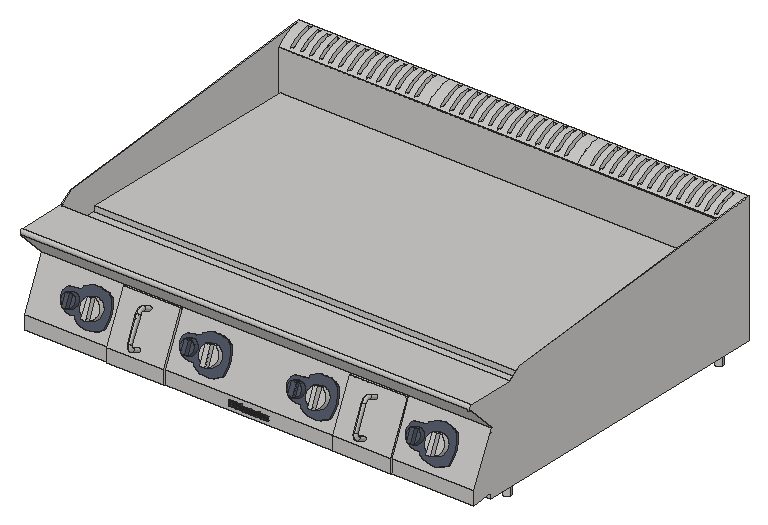
Revit family "QF_ELECTROLUXPROFESSIONAL_391404_E9IIKDAOMIA", category Specialty Equipment, Revit 2018 (continued)
Automatic sketch dimensions
  curve 80 to curve 76 = 0 mm
  curve 139 to plane 13 = 18.089 mm
  curve 84 to plane 13 = 18.089 mm
  curve 136 to curve 135 = 0 mm
  curve 88 to curve 84 = 0 mm
  curve 132 to curve 131 = 0 mm
  curve 92 to curve 88 = 0 mm
  curve 128 to curve 127 = 0 mm
  curve 96 to curve 92 = 0 mm
  curve 124 to curve 123 = 0 mm
  curve 100 to curve 96 = 0 mm
  curve 120 to curve 119 = 0 mm
  curve 104 to curve 100 = 0 mm
  curve 116 to curve 115 = 0 mm
  curve 108 to curve 104 = 0 mm
  plane 1 "BACK" to curve 110 = 6.761 mm
  plane 1 "BACK" to curve 113 = 6.761 mm
  plane 1 "BACK" to curve 103 = 6.761 mm
  plane 1 "BACK" to curve 99 = 6.761 mm
  plane 1 "BACK" to curve 125 = 6.761 mm
  plane 1 "BACK" to curve 95 = 6.761 mm
  plane 1 "BACK" to curve 91 = 6.761 mm
  plane 1 "BACK" to curve 87 = 6.761 mm
  plane 1 "BACK" to curve 145 = 6.761 mm
  plane 1 "BACK" to curve 67 = 6.761 mm
  plane 1 "BACK" to curve 157 = 6.761 mm
  plane 1 "BACK" to curve 63 = 6.761 mm
  plane 1 "BACK" to curve 59 = 6.761 mm
  plane 1 "BACK" to curve 165 = 6.761 mm
  plane 1 "BACK" to curve 169 = 6.761 mm
  plane 1 "BACK" to curve 51 = 6.761 mm
  plane 1 "BACK" to curve 47 = 6.761 mm
  plane 1 "BACK" to curve 181 = 6.761 mm
  plane 1 "BACK" to curve 39 = 6.761 mm
  plane 1 "BACK" to curve 185 = 6.761 mm
  plane 1 "BACK" to curve 31 = 6.761 mm
  curve 197 to plane 1 "BACK" = 100 mm
  Extrusion 1 sketch curve to plane 12 = 0 mm
  Extrusion 1 sketch curve to plane 9 = 0 mm
  Extrusion 1 sketch curve to plane 1 "BACK" = 0 mm
  plane 14 to Extrusion 1 sketch curve = 5 mm
  Extrusion 1 sketch curve to Extrusion 1 sketch curve = 62.044 mm
  Extrusion 1 sketch curve to plane 5 "FRONT" = 69.972 mm
  Extrusion 1 sketch curve to plane 5 "FRONT" = 15 mm
  Extrusion 1 sketch curve to plane 5 "FRONT" = 7.361 mm
  Extrusion 1 sketch curve to plane 5 "FRONT" = 2.156 mm
  plane 9 to Extrusion 1 sketch curve = 6.922 mm
  Extrusion 1 sketch curve to Extrusion 1 sketch curve = 12.7 mm
  Extrusion 1 sketch curve to Extrusion 1 sketch curve = 34.792 mm
  Extrusion 1 sketch curve to plane 12 = 83.366 mm
  Extrusion 1 sketch curve to plane 12 = 60 mm
  Extrusion 1 sketch curve to plane 12 = 12.566 mm
  Extrusion 2 sketch curve to plane 11 = 0 mm  (x2)
  Extrusion 2 sketch curve to plane 10 = 0 mm  (x2)
  plane 14 to Extrusion 2 sketch curve = 0 mm  (x2)
  plane 13 to Extrusion 2 sketch curve = 0 mm  (x2)
  plane 9 to Extrusion 3 sketch curve = 11.563 mm
  plane 9 to Extrusion 3 sketch curve = 16.604 mm
  plane 7 "Center Y" to Extrusion 3 sketch curve = 4.232 mm
  Extrusion 3 sketch curve to Extrusion 3 sketch curve = 5.06 mm
  Extrusion 3 sketch curve to Extrusion 3 sketch curve = 0 mm  (x28)
  Extrusion 3 sketch curve to Extrusion 3 sketch curve = 5.108 mm  (x2)
  Extrusion 3 sketch curve to Extrusion 3 sketch curve = 0.054 mm
  Extrusion 3 sketch curve to Extrusion 3 sketch curve = 0.218 mm
  Extrusion 3 sketch curve to Extrusion 3 sketch curve = 0.195 mm
  Extrusion 3 sketch curve to Extrusion 3 sketch curve = 0.249 mm
  plane 9 to Extrusion 3 sketch curve = 16.921 mm
  Extrusion 3 sketch curve to Extrusion 3 sketch curve = 0.087 mm
  Extrusion 3 sketch curve to Extrusion 3 sketch curve = 0.358 mm
  Extrusion 3 sketch curve to Extrusion 3 sketch curve = 0.481 mm
  Extrusion 3 sketch curve to Extrusion 3 sketch curve = 0.597 mm
  Extrusion 3 sketch curve to Extrusion 3 sketch curve = 0.544 mm
  Extrusion 3 sketch curve to Extrusion 3 sketch curve = 0.936 mm
  Extrusion 3 sketch curve to Extrusion 3 sketch curve = 0.594 mm
  Extrusion 3 sketch curve to Extrusion 3 sketch curve = 0.343 mm
  Extrusion 3 sketch curve to Extrusion 3 sketch curve = 0.159 mm
  Extrusion 3 sketch curve to Extrusion 3 sketch curve = 0.826 mm
  Extrusion 3 sketch curve to Extrusion 3 sketch curve = 0.839 mm
  Extrusion 3 sketch curve to Extrusion 3 sketch curve = 0.852 mm
  Extrusion 3 sketch curve to Extrusion 3 sketch curve = 0.887 mm
  Extrusion 3 sketch curve to Extrusion 3 sketch curve = 0.928 mm
  Extrusion 3 sketch curve to Extrusion 3 sketch curve = 0.938 mm
  Extrusion 3 sketch curve to Extrusion 3 sketch curve = 0.444 mm
  Extrusion 3 sketch curve to Extrusion 3 sketch curve = 1.11 mm  (x3)
  Extrusion 3 sketch curve to Extrusion 3 sketch curve = 0.215 mm
  Extrusion 3 sketch curve to plane 7 "Center Y" = 1.405 mm
  Extrusion 3 sketch curve to Extrusion 3 sketch curve = 1.43 mm
  Extrusion 3 sketch curve to Extrusion 3 sketch curve = 1.188 mm
  Extrusion 3 sketch curve to Extrusion 3 sketch curve = 1.21 mm  (x2)
  Extrusion 3 sketch curve to Extrusion 3 sketch curve = 0.503 mm
  Extrusion 3 sketch curve to Extrusion 3 sketch curve = 0.488 mm
  Extrusion 3 sketch curve to Extrusion 3 sketch curve = 0.462 mm
  Extrusion 3 sketch curve to Extrusion 3 sketch curve = 1.386 mm
  Extrusion 3 sketch curve to Extrusion 3 sketch curve = 1.742 mm  (x2)
  Extrusion 3 sketch curve to Extrusion 3 sketch curve = 0.821 mm
  Extrusion 3 sketch curve to Extrusion 3 sketch curve = 0.497 mm
  Extrusion 3 sketch curve to Extrusion 3 sketch curve = 0.539 mm
  Extrusion 3 sketch curve to Extrusion 3 sketch curve = 0.199 mm
  Extrusion 3 sketch curve to Extrusion 3 sketch curve = 0.408 mm
  Extrusion 3 sketch curve to Extrusion 3 sketch curve = 0.528 mm
  Extrusion 3 sketch curve to Extrusion 3 sketch curve = 1.16 mm
  Extrusion 3 sketch curve to Extrusion 3 sketch curve = 0.329 mm
  Extrusion 3 sketch curve to Extrusion 3 sketch curve = 1.054 mm
  Extrusion 3 sketch curve to Extrusion 3 sketch curve = 1.056 mm
  Extrusion 3 sketch curve to Extrusion 3 sketch curve = 0.129 mm
  Extrusion 3 sketch curve to Extrusion 3 sketch curve = 0.489 mm
  Extrusion 3 sketch curve to Extrusion 3 sketch curve = 0.441 mm
  Extrusion 3 sketch curve to Extrusion 3 sketch curve = 1.151 mm
  Extrusion 3 sketch curve to Extrusion 3 sketch curve = 1.141 mm  (x2)
  Extrusion 3 sketch curve to Extrusion 3 sketch curve = 1.23 mm
  Extrusion 3 sketch curve to Extrusion 3 sketch curve = 1.653 mm
  Extrusion 3 sketch curve to Extrusion 3 sketch curve = 0.499 mm
  Extrusion 3 sketch curve to Extrusion 3 sketch curve = 0.964 mm
  Extrusion 3 sketch curve to Extrusion 3 sketch curve = 0.949 mm
  Extrusion 3 sketch curve to Extrusion 3 sketch curve = 1.345 mm  (x2)
  Extrusion 3 sketch curve to Extrusion 3 sketch curve = 0.137 mm  (x2)
  Extrusion 3 sketch curve to Extrusion 3 sketch curve = 0.432 mm
  Extrusion 3 sketch curve to Extrusion 3 sketch curve = 1.142 mm
  Extrusion 3 sketch curve to Extrusion 3 sketch curve = 0.959 mm
  Extrusion 3 sketch curve to Extrusion 3 sketch curve = 0.176 mm
  Extrusion 3 sketch curve to Extrusion 3 sketch curve = 0.728 mm
  Extrusion 3 sketch curve to Extrusion 3 sketch curve = 3.375 mm  (x2)
  Extrusion 3 sketch curve to Extrusion 3 sketch curve = 0.541 mm
  Extrusion 3 sketch curve to Extrusion 3 sketch curve = 0.955 mm
  Extrusion 3 sketch curve to Extrusion 3 sketch curve = 1.251 mm
  Extrusion 3 sketch curve to Extrusion 3 sketch curve = 0.572 mm
  Extrusion 3 sketch curve to Extrusion 3 sketch curve = 1.92 mm
  Extrusion 3 sketch curve to Extrusion 3 sketch curve = 1.224 mm
  Extrusion 3 sketch curve to Extrusion 3 sketch curve = 0.745 mm
  Extrusion 3 sketch curve to Extrusion 3 sketch curve = 2.537 mm
  Extrusion 3 sketch curve to Extrusion 3 sketch curve = 0.896 mm  (x3)
  Extrusion 3 sketch curve to Extrusion 3 sketch curve = 0.036 mm
  Extrusion 3 sketch curve to Extrusion 3 sketch curve = 2.607 mm
  Extrusion 3 sketch curve to Extrusion 3 sketch curve = 0.066 mm
  Extrusion 3 sketch curve to Extrusion 3 sketch curve = 0.248 mm
  Extrusion 3 sketch curve to Extrusion 3 sketch curve = 0.449 mm
  Extrusion 3 sketch curve to Extrusion 3 sketch curve = 1.052 mm
  Extrusion 3 sketch curve to Extrusion 3 sketch curve = 1.863 mm
  Extrusion 3 sketch curve to Extrusion 3 sketch curve = 1.31 mm  (x2)
  Extrusion 3 sketch curve to Extrusion 3 sketch curve = 0.901 mm
  Extrusion 3 sketch curve to Extrusion 3 sketch curve = 1.107 mm
  Extrusion 3 sketch curve to Extrusion 3 sketch curve = 2.122 mm
  Extrusion 3 sketch curve to Extrusion 3 sketch curve = 2.101 mm
  Extrusion 3 sketch curve to Extrusion 3 sketch curve = 0.106 mm
  Extrusion 3 sketch curve to Extrusion 3 sketch curve = 0.029 mm
  Extrusion 3 sketch curve to Extrusion 3 sketch curve = 2.09 mm
  Extrusion 3 sketch curve to Extrusion 3 sketch curve = 1.279 mm
  Extrusion 3 sketch curve to Extrusion 3 sketch curve = 2.008 mm
  Extrusion 3 sketch curve to Extrusion 3 sketch curve = 0.738 mm
  Extrusion 3 sketch curve to Extrusion 3 sketch curve = 0.382 mm
  Extrusion 3 sketch curve to Extrusion 3 sketch curve = 0.384 mm
  Extrusion 3 sketch curve to Extrusion 3 sketch curve = 0.002 mm
  Extrusion 3 sketch curve to Extrusion 3 sketch curve = 0.561 mm
  Extrusion 3 sketch curve to Extrusion 3 sketch curve = 0.592 mm
  Extrusion 3 sketch curve to Extrusion 3 sketch curve = 2.692 mm
  Extrusion 3 sketch curve to Extrusion 3 sketch curve = 1.259 mm
  Extrusion 3 sketch curve to Extrusion 3 sketch curve = 0.802 mm
  Extrusion 3 sketch curve to Extrusion 3 sketch curve = 1.024 mm
  Extrusion 3 sketch curve to Extrusion 3 sketch curve = 0.682 mm
  Extrusion 3 sketch curve to Extrusion 3 sketch curve = 5.934 mm
  Extrusion 3 sketch curve to Extrusion 3 sketch curve = 2.186 mm
  Extrusion 3 sketch curve to Extrusion 3 sketch curve = 0.337 mm
  Extrusion 3 sketch curve to Extrusion 3 sketch curve = 0.021 mm
  Extrusion 3 sketch curve to Extrusion 3 sketch curve = 1.005 mm
  Extrusion 3 sketch curve to Extrusion 3 sketch curve = 0.552 mm
  Extrusion 3 sketch curve to Extrusion 3 sketch curve = 0.778 mm
  Extrusion 3 sketch curve to Extrusion 3 sketch curve = 0.063 mm
  Extrusion 3 sketch curve to Extrusion 3 sketch curve = 1.023 mm
  Extrusion 3 sketch curve to Extrusion 3 sketch curve = 3.804 mm
  Extrusion 3 sketch curve to Extrusion 3 sketch curve = 0.486 mm
  Extrusion 3 sketch curve to Extrusion 3 sketch curve = 0.266 mm  (x2)
  Extrusion 3 sketch curve to Extrusion 3 sketch curve = 1.547 mm
  Extrusion 3 sketch curve to Extrusion 3 sketch curve = 0.717 mm  (x2)
  Extrusion 3 sketch curve to Extrusion 3 sketch curve = 1.667 mm
  Extrusion 3 sketch curve to Extrusion 3 sketch curve = 3.174 mm
  Extrusion 3 sketch curve to Extrusion 3 sketch curve = 0.388 mm
  Extrusion 3 sketch curve to Extrusion 3 sketch curve = 1.342 mm
  Extrusion 3 sketch curve to Extrusion 3 sketch curve = 1.521 mm
  Extrusion 3 sketch curve to Extrusion 3 sketch curve = 0.124 mm
  Extrusion 3 sketch curve to Extrusion 3 sketch curve = 0.291 mm
  plane 7 "Center Y" to Extrusion 3 sketch curve = 5.548 mm
  Extrusion 3 sketch curve to Extrusion 3 sketch curve = 1.049 mm  (x2)
  Extrusion 3 sketch curve to Extrusion 3 sketch curve = 1.7 mm
  Extrusion 3 sketch curve to Extrusion 3 sketch curve = 0.894 mm
  Extrusion 3 sketch curve to Extrusion 3 sketch curve = 0.989 mm
  Extrusion 3 sketch curve to Extrusion 3 sketch curve = 1.168 mm
  Extrusion 3 sketch curve to Extrusion 3 sketch curve = 1.594 mm
  Extrusion 3 sketch curve to Extrusion 3 sketch curve = 0.731 mm
  Extrusion 3 sketch curve to Extrusion 3 sketch curve = 1.566 mm
  Extrusion 3 sketch curve to Extrusion 3 sketch curve = 0.064 mm
  plane 7 "Center Y" to Extrusion 3 sketch curve = 6.105 mm
  Extrusion 3 sketch curve to Extrusion 3 sketch curve = 0.556 mm  (x2)
  Extrusion 3 sketch curve to Extrusion 3 sketch curve = 0.48 mm
  Extrusion 3 sketch curve to Extrusion 3 sketch curve = 0.228 mm
  Extrusion 3 sketch curve to Extrusion 3 sketch curve = 1.018 mm
  Extrusion 3 sketch curve to Extrusion 3 sketch curve = 0.787 mm
  Extrusion 3 sketch curve to Extrusion 3 sketch curve = 0.618 mm
  Extrusion 3 sketch curve to Extrusion 3 sketch curve = 1.672 mm
  Extrusion 3 sketch curve to Extrusion 3 sketch curve = 1.361 mm
  Extrusion 3 sketch curve to Extrusion 3 sketch curve = 0.822 mm
  Extrusion 3 sketch curve to Extrusion 3 sketch curve = 0.069 mm
  Extrusion 3 sketch curve to Extrusion 3 sketch curve = 1.88 mm
  Extrusion 3 sketch curve to Extrusion 3 sketch curve = 0.42 mm
  Extrusion 3 sketch curve to Extrusion 3 sketch curve = 0.062 mm
  Extrusion 3 sketch curve to Extrusion 3 sketch curve = 1.355 mm
  Extrusion 3 sketch curve to Extrusion 3 sketch curve = 2.34 mm
  Extrusion 3 sketch curve to Extrusion 3 sketch curve = 0.493 mm
  Extrusion 3 sketch curve to Extrusion 3 sketch curve = 0.136 mm
  Extrusion 3 sketch curve to Extrusion 3 sketch curve = 0.128 mm
  Extrusion 3 sketch curve to Extrusion 3 sketch curve = 3.616 mm
  Extrusion 3 sketch curve to Extrusion 3 sketch curve = 4.207 mm
  Extrusion 3 sketch curve to Extrusion 3 sketch curve = 0.183 mm
  Extrusion 3 sketch curve to Extrusion 3 sketch curve = 0.895 mm
  Extrusion 3 sketch curve to Extrusion 3 sketch curve = 1.314 mm
  Extrusion 3 sketch curve to Extrusion 3 sketch curve = 3.231 mm
  Extrusion 3 sketch curve to Extrusion 3 sketch curve = 1.299 mm
  Extrusion 3 sketch curve to Extrusion 3 sketch curve = 1.214 mm
  Extrusion 3 sketch curve to Extrusion 3 sketch curve = 1.264 mm
  Extrusion 3 sketch curve to Extrusion 3 sketch curve = 0.109 mm
  Extrusion 3 sketch curve to Extrusion 3 sketch curve = 0.357 mm
  Extrusion 3 sketch curve to Extrusion 3 sketch curve = 0.565 mm
  Extrusion 3 sketch curve to Extrusion 3 sketch curve = 2.504 mm
  Extrusion 3 sketch curve to Extrusion 3 sketch curve = 2.459 mm
  Extrusion 3 sketch curve to Extrusion 3 sketch curve = 1.322 mm
  Extrusion 3 sketch curve to Extrusion 3 sketch curve = 2.77 mm
  Extrusion 3 sketch curve to Extrusion 3 sketch curve = 2.51 mm
  Extrusion 3 sketch curve to Extrusion 3 sketch curve = 0.187 mm
  Extrusion 3 sketch curve to Extrusion 3 sketch curve = 2.559 mm
  Extrusion 3 sketch curve to Extrusion 3 sketch curve = 1.556 mm
  Extrusion 3 sketch curve to Extrusion 3 sketch curve = 0.222 mm
  Extrusion 3 sketch curve to Extrusion 3 sketch curve = 1.383 mm
  Extrusion 3 sketch curve to Extrusion 3 sketch curve = 3.114 mm
  Extrusion 3 sketch curve to Extrusion 3 sketch curve = 3.376 mm
  Extrusion 3 sketch curve to Extrusion 3 sketch curve = 0.934 mm
  Extrusion 3 sketch curve to Extrusion 3 sketch curve = 0.191 mm
  Extrusion 3 sketch curve to Extrusion 3 sketch curve = 3.696 mm
  Extrusion 3 sketch curve to Extrusion 3 sketch curve = 2.708 mm
  Extrusion 3 sketch curve to Extrusion 3 sketch curve = 3.333 mm
  Extrusion 3 sketch curve to Extrusion 3 sketch curve = 0.332 mm
  Extrusion 3 sketch curve to Extrusion 3 sketch curve = 1.087 mm
  Extrusion 3 sketch curve to Extrusion 3 sketch curve = 2.23 mm
  Extrusion 3 sketch curve to Extrusion 3 sketch curve = 2.757 mm
  Extrusion 3 sketch curve to Extrusion 3 sketch curve = 0.987 mm
  Extrusion 3 sketch curve to Extrusion 3 sketch curve = 1.529 mm
  Extrusion 3 sketch curve to Extrusion 3 sketch curve = 1.796 mm
  Extrusion 3 sketch curve to Extrusion 3 sketch curve = 2.859 mm
  Extrusion 3 sketch curve to Extrusion 3 sketch curve = 0.853 mm
  Extrusion 3 sketch curve to Extrusion 3 sketch curve = 1.241 mm
  Extrusion 3 sketch curve to Extrusion 3 sketch curve = 2.046 mm  (x2)
  Extrusion 3 sketch curve to Extrusion 3 sketch curve = 2.422 mm
  Extrusion 3 sketch curve to Extrusion 3 sketch curve = 0.27 mm  (x2)
  Extrusion 3 sketch curve to Extrusion 3 sketch curve = 0.69 mm
  Extrusion 3 sketch curve to Extrusion 3 sketch curve = 0.781 mm  (x2)
  Extrusion 3 sketch curve to Extrusion 3 sketch curve = 3.136 mm
  Extrusion 3 sketch curve to Extrusion 3 sketch curve = 1.767 mm
  Extrusion 3 sketch curve to Extrusion 3 sketch curve = 0.138 mm
  Extrusion 3 sketch curve to Extrusion 3 sketch curve = 0.777 mm
  Extrusion 3 sketch curve to Extrusion 3 sketch curve = 1.19 mm
  Extrusion 3 sketch curve to Extrusion 3 sketch curve = 0.782 mm
  Extrusion 3 sketch curve to Extrusion 3 sketch curve = 1.268 mm
  Extrusion 3 sketch curve to Extrusion 3 sketch curve = 0.422 mm  (x2)
  Extrusion 3 sketch curve to Extrusion 3 sketch curve = 1.559 mm
  Extrusion 3 sketch curve to Extrusion 3 sketch curve = 3.927 mm
  Extrusion 3 sketch curve to Extrusion 3 sketch curve = 0.983 mm
  Extrusion 3 sketch curve to Extrusion 3 sketch curve = 1.134 mm
  Extrusion 3 sketch curve to Extrusion 3 sketch curve = 0.094 mm
  Extrusion 3 sketch curve to Extrusion 3 sketch curve = 1.584 mm
  Extrusion 3 sketch curve to plane 7 "Center Y" = 1.098 mm
  Extrusion 3 sketch curve to Extrusion 3 sketch curve = 0.643 mm
  Extrusion 3 sketch curve to Extrusion 3 sketch curve = 0.916 mm
  Extrusion 3 sketch curve to Extrusion 3 sketch curve = 0.352 mm
  Extrusion 3 sketch curve to Extrusion 3 sketch curve = 0.458 mm
  Extrusion 3 sketch curve to Extrusion 3 sketch curve = 1.282 mm
  Extrusion 3 sketch curve to Extrusion 3 sketch curve = 1.363 mm
  Extrusion 3 sketch curve to Extrusion 3 sketch curve = 0.685 mm
  Extrusion 3 sketch curve to Extrusion 3 sketch curve = 0.905 mm
  Extrusion 3 sketch curve to Extrusion 3 sketch curve = 2.865 mm
  Extrusion 3 sketch curve to Extrusion 3 sketch curve = 0.472 mm
  Extrusion 3 sketch curve to Extrusion 3 sketch curve = 0.101 mm
  Extrusion 3 sketch curve to Extrusion 3 sketch curve = 0.54 mm
  Extrusion 3 sketch curve to Extrusion 3 sketch curve = 0.02 mm
  Extrusion 3 sketch curve to Extrusion 3 sketch curve = 0.468 mm
  Extrusion 3 sketch curve to Extrusion 3 sketch curve = 0.829 mm
  Extrusion 3 sketch curve to Extrusion 3 sketch curve = 0.582 mm
  Extrusion 3 sketch curve to Extrusion 3 sketch curve = 0.166 mm
  Extrusion 3 sketch curve to Extrusion 3 sketch curve = 0.16 mm
  Extrusion 3 sketch curve to Extrusion 3 sketch curve = 2.781 mm
  Extrusion 3 sketch curve to Extrusion 3 sketch curve = 1.118 mm
  Extrusion 3 sketch curve to Extrusion 3 sketch curve = 0.613 mm
  Extrusion 3 sketch curve to Extrusion 3 sketch curve = 0.361 mm
  Extrusion 3 sketch curve to Extrusion 3 sketch curve = 0.897 mm
  Extrusion 3 sketch curve to Extrusion 3 sketch curve = 0.167 mm
  Extrusion 3 sketch curve to Extrusion 3 sketch curve = 0.292 mm
  Extrusion 3 sketch curve to Extrusion 3 sketch curve = 0.305 mm
  Extrusion 3 sketch curve to Extrusion 3 sketch curve = 1.557 mm
  Extrusion 3 sketch curve to Extrusion 3 sketch curve = 2.499 mm
  Extrusion 3 sketch curve to Extrusion 3 sketch curve = 3.062 mm
  Extrusion 3 sketch curve to Extrusion 3 sketch curve = 2.968 mm
  Extrusion 3 sketch curve to Extrusion 3 sketch curve = 5.044 mm
  Extrusion 3 sketch curve to Extrusion 3 sketch curve = 0.629 mm  (x2)
  Extrusion 3 sketch curve to Extrusion 3 sketch curve = 1.131 mm
  Extrusion 3 sketch curve to Extrusion 3 sketch curve = 0.027 mm
  Extrusion 3 sketch curve to Extrusion 3 sketch curve = 2.235 mm
  Extrusion 4 sketch curve to plane 12 = 0 mm
  Extrusion 4 sketch curve to plane 1 "BACK" = 0 mm
  Extrusion 4 sketch curve to plane 6 "TOP" = 0 mm
  Extrusion 4 sketch curve to plane 18 = 21.596 mm
  plane 14 to Extrusion 4 sketch curve = 5 mm
  Extrusion 4 sketch curve to plane 12 = 60 mm
  plane 12 to Extrusion 4 sketch curve = 21.916 mm
  Extrusion 5 sketch curve to plane 1 "BACK" = 0 mm
  Extrusion 5 sketch curve to plane 12 = 0 mm
  Extrusion 5 sketch curve to plane 6 "TOP" = 0 mm
  Extrusion 5 sketch curve to plane 18 = 21.596 mm
  plane 14 to Extrusion 5 sketch curve = 5 mm
  Extrusion 5 sketch curve to plane 12 = 60 mm
  plane 12 to Extrusion 5 sketch curve = 21.916 mm
  Extrusion 6 sketch curve to plane 1 "BACK" = 0 mm
  Extrusion 6 sketch curve to plane 6 "TOP" = 0 mm
  Extrusion 6 sketch curve to plane 13 = 12.15 mm
  Extrusion 6 sketch curve to plane 1 "BACK" = 5.211 mm
  Extrusion 6 sketch curve to plane 6 "TOP" = 31.7 mm
  plane 1 "BACK" to Extrusion 7 sketch curve = 6.761 mm  (x14)
  Extrusion 7 sketch curve to plane 13 = 18.089 mm  (x7)
  Extrusion 7 sketch curve to Extrusion 7 sketch curve = 0 mm  (x7)
  Extrusion 7 sketch curve to plane 11 = 18.703 mm
  Extrusion 7 sketch curve to Extrusion 7 sketch curve = 9.296 mm  (x14)
  Extrusion 7 sketch curve to Extrusion 7 sketch curve = 16.193 mm  (x13)
  Extrusion 8 sketch curve to plane 1 "BACK" = 0 mm
  Extrusion 8 sketch curve to plane 6 "TOP" = 0 mm
  Extrusion 8 sketch curve to plane 13 = 12.15 mm
  Extrusion 8 sketch curve to plane 1 "BACK" = 5.211 mm
  Extrusion 8 sketch curve to plane 6 "TOP" = 31.7 mm
  plane 1 "BACK" to Extrusion 9 sketch curve = 6.761 mm  (x14)
  Extrusion 9 sketch curve to plane 13 = 18.089 mm  (x7)
  Extrusion 9 sketch curve to plane 7 "Center Y" = 8.021 mm
  Extrusion 9 sketch curve to Extrusion 9 sketch curve = 0 mm  (x7)
  Extrusion 9 sketch curve to Extrusion 9 sketch curve = 9.296 mm  (x14)
  Extrusion 9 sketch curve to Extrusion 9 sketch curve = 16.193 mm  (x12)
  plane 7 "Center Y" to Extrusion 9 sketch curve = 8.171 mm
  Extrusion 10 sketch curve to plane 1 "BACK" = 0 mm
  Extrusion 10 sketch curve to plane 6 "TOP" = 0 mm
  Extrusion 10 sketch curve to plane 13 = 12.15 mm
  Extrusion 10 sketch curve to plane 1 "BACK" = 5.211 mm
  Extrusion 10 sketch curve to plane 6 "TOP" = 31.7 mm
  plane 1 "BACK" to Extrusion 11 sketch curve = 6.761 mm  (x14)
  Extrusion 11 sketch curve to plane 13 = 18.089 mm  (x7)
  Extrusion 11 sketch curve to Extrusion 11 sketch curve = 0 mm  (x7)
  plane 7 "Center Y" to Extrusion 11 sketch curve = 229.803 mm
  Extrusion 11 sketch curve to Extrusion 11 sketch curve = 9.296 mm  (x14)
  Extrusion 11 sketch curve to Extrusion 11 sketch curve = 16.193 mm  (x13)
  plane 18 to Extrusion 12 sketch curve = 50.044 mm
  Extrusion 12 sketch curve to plane 13 = 10.485 mm
  Extrusion 12 sketch curve to plane 12 = 60 mm
  Extrusion 12 sketch curve to Extrusion 12 sketch curve = 15 mm
  Extrusion 1 to Extrusion 13 sketch curve = 0 mm
  Extrusion 1 to Extrusion 13 sketch curve = 1.6 mm  (x2)
  Extrusion 1 to Extrusion 13 sketch curve = 71.515 mm
  Extrusion 14 sketch curve to plane 5 "FRONT" = 11.8 mm
  Extrusion 14 sketch curve to Extrusion 14 sketch curve = 3.2 mm
  Extrusion 14 sketch curve to plane 5 "FRONT" = 68.449 mm
  Extrusion 14 sketch curve to Extrusion 14 sketch curve = 2.907 mm
  plane 9 to Extrusion 14 sketch curve = 6.922 mm
  Extrusion 14 sketch curve to Extrusion 14 sketch curve = 34.792 mm
  Extrusion 14 sketch curve to Extrusion 14 sketch curve = 0.701 mm
  plane 9 to Extrusion 15 sketch curve = 6.922 mm
  plane 17 to Extrusion 15 sketch curve = 24.406 mm
  plane 17 to Extrusion 15 sketch curve = 81.055 mm
  Extrusion 15 sketch curve to plane 5 "FRONT" = 11.8 mm
  Extrusion 15 sketch curve to plane 5 "FRONT" = 68.449 mm
  Extrusion 15 sketch curve to Extrusion 15 sketch curve = 35.493 mm  (x2)
  Extrusion 15 sketch curve to plane 12 = 85.504 mm
  Extrusion 16 sketch curve to plane 5 "FRONT" = 11.8 mm
  Extrusion 16 sketch curve to Extrusion 16 sketch curve = 3.2 mm
  Extrusion 16 sketch curve to plane 5 "FRONT" = 68.449 mm
  Extrusion 16 sketch curve to Extrusion 16 sketch curve = 2.907 mm
  Extrusion 16 sketch curve to plane 12 = 85.504 mm
  Extrusion 16 sketch curve to Extrusion 16 sketch curve = 1.338 mm
  plane 9 to Extrusion 16 sketch curve = 6.922 mm
  plane 17 to Extrusion 17 sketch curve = 24.406 mm
  plane 17 to Extrusion 17 sketch curve = 81.055 mm
  Extrusion 17 sketch curve to plane 5 "FRONT" = 11.8 mm
  Extrusion 17 sketch curve to plane 5 "FRONT" = 68.449 mm
  Extrusion 17 sketch curve to plane 12 = 85.504 mm
  plane 9 to Extrusion 17 sketch curve = 42.415 mm  (x2)
  plane 9 to Extrusion 17 sketch curve = 6.922 mm
  Extrusion 18 sketch curve to Extrusion 18 sketch curve = 0 mm  (x2)
  Extrusion 18 sketch curve to plane 7 "Center Y" = 150.643 mm
  Extrusion 18 sketch curve to Extrusion 18 sketch curve = 112.63 mm
  Extrusion 18 sketch curve to Extrusion 18 sketch curve = 1.398 mm
  Extrusion 18 sketch curve to Extrusion 18 sketch curve = 5.918 mm
  Extrusion 18 sketch curve to Extrusion 18 sketch curve = 7.825 mm
  Extrusion 18 sketch curve to Extrusion 18 sketch curve = 12.433 mm
  Extrusion 18 sketch curve to Extrusion 18 sketch curve = 33.329 mm
  Extrusion 18 sketch curve to Extrusion 18 sketch curve = 28.808 mm
  Extrusion 18 sketch curve to Extrusion 18 sketch curve = 2.986 mm
  Extrusion 18 sketch curve to Extrusion 18 sketch curve = 35.441 mm
  Extrusion 18 sketch curve to Extrusion 18 sketch curve = 23.969 mm
  Extrusion 18 sketch curve to Extrusion 18 sketch curve = 31.993 mm
  Extrusion 18 sketch curve to Extrusion 18 sketch curve = 0.131 mm
  Extrusion 18 sketch curve to Extrusion 18 sketch curve = 36.738 mm
  Extrusion 18 sketch curve to Extrusion 18 sketch curve = 6.105 mm
  Extrusion 18 sketch curve to plane 7 "Center Y" = 119.675 mm
  Extrusion 18 sketch curve to Extrusion 18 sketch curve = 0.002 mm
  Extrusion 18 sketch curve to Extrusion 18 sketch curve = 38.412 mm
  Extrusion 18 sketch curve to Extrusion 18 sketch curve = 39.831 mm
  Extrusion 18 sketch curve to Extrusion 18 sketch curve = 6.427 mm
  Extrusion 18 sketch curve to Extrusion 18 sketch curve = 11.842 mm
  Extrusion 20 sketch curve to Extrusion 20 sketch curve = 24.732 mm
  Extrusion 20 sketch curve to Extrusion 20 sketch curve = 0 mm
  Extrusion 22 sketch curve to Extrusion 22 sketch curve = 0 mm
  Extrusion 22 sketch curve to Extrusion 22 sketch curve = 7.232 mm  (x3)
  Extrusion 22 sketch curve to Extrusion 22 sketch curve = 17.5 mm
  Extrusion 22 sketch curve to Extrusion 22 sketch curve = 5.786 mm
  Extrusion 23 sketch curve to Extrusion 23 sketch curve = 0 mm  (x2)
  Extrusion 23 sketch curve to plane 11 = 120.857 mm
  Extrusion 23 sketch curve to Extrusion 23 sketch curve = 112.63 mm
  Extrusion 23 sketch curve to Extrusion 23 sketch curve = 1.398 mm
  Extrusion 23 sketch curve to Extrusion 23 sketch curve = 5.918 mm
  Extrusion 23 sketch curve to Extrusion 23 sketch curve = 7.825 mm
  Extrusion 23 sketch curve to Extrusion 23 sketch curve = 12.433 mm
  Extrusion 23 sketch curve to Extrusion 23 sketch curve = 33.329 mm
  Extrusion 23 sketch curve to Extrusion 23 sketch curve = 28.808 mm
  Extrusion 23 sketch curve to Extrusion 23 sketch curve = 2.986 mm
  Extrusion 23 sketch curve to Extrusion 23 sketch curve = 35.441 mm
  Extrusion 23 sketch curve to Extrusion 23 sketch curve = 23.969 mm
  Extrusion 23 sketch curve to Extrusion 23 sketch curve = 31.993 mm
  Extrusion 23 sketch curve to Extrusion 23 sketch curve = 0.131 mm
  Extrusion 23 sketch curve to Extrusion 23 sketch curve = 36.738 mm
  Extrusion 23 sketch curve to Extrusion 23 sketch curve = 6.105 mm
  Extrusion 23 sketch curve to plane 11 = 151.825 mm
  Extrusion 23 sketch curve to Extrusion 23 sketch curve = 0.002 mm
  Extrusion 23 sketch curve to Extrusion 23 sketch curve = 38.412 mm
  Extrusion 23 sketch curve to Extrusion 23 sketch curve = 39.831 mm
  Extrusion 23 sketch curve to Extrusion 23 sketch curve = 6.427 mm
  Extrusion 23 sketch curve to Extrusion 23 sketch curve = 11.842 mm
  Extrusion 25 sketch curve to Extrusion 25 sketch curve = 24.732 mm
  Extrusion 25 sketch curve to Extrusion 25 sketch curve = 0 mm
  Extrusion 27 sketch curve to Extrusion 27 sketch curve = 0 mm
  Extrusion 27 sketch curve to Extrusion 27 sketch curve = 7.232 mm  (x3)
  Extrusion 27 sketch curve to Extrusion 27 sketch curve = 17.5 mm
  Extrusion 27 sketch curve to Extrusion 27 sketch curve = 5.786 mm
  Extrusion 28 sketch curve to Extrusion 28 sketch curve = 0 mm  (x2)
  Extrusion 28 sketch curve to plane 10 = 135.793 mm
  Extrusion 28 sketch curve to Extrusion 28 sketch curve = 112.63 mm
  Extrusion 28 sketch curve to Extrusion 28 sketch curve = 1.398 mm
  Extrusion 28 sketch curve to Extrusion 28 sketch curve = 5.918 mm
  Extrusion 28 sketch curve to Extrusion 28 sketch curve = 7.825 mm
  Extrusion 28 sketch curve to Extrusion 28 sketch curve = 12.433 mm
  Extrusion 28 sketch curve to Extrusion 28 sketch curve = 33.329 mm
  Extrusion 28 sketch curve to Extrusion 28 sketch curve = 28.808 mm
  Extrusion 28 sketch curve to Extrusion 28 sketch curve = 2.986 mm
  Extrusion 28 sketch curve to Extrusion 28 sketch curve = 35.441 mm
  Extrusion 28 sketch curve to Extrusion 28 sketch curve = 23.969 mm
  Extrusion 28 sketch curve to Extrusion 28 sketch curve = 31.993 mm
  Extrusion 28 sketch curve to Extrusion 28 sketch curve = 0.131 mm
  Extrusion 28 sketch curve to Extrusion 28 sketch curve = 36.738 mm
  Extrusion 28 sketch curve to Extrusion 28 sketch curve = 6.105 mm
  Extrusion 28 sketch curve to plane 10 = 104.825 mm
  Extrusion 28 sketch curve to Extrusion 28 sketch curve = 0.002 mm
  Extrusion 28 sketch curve to Extrusion 28 sketch curve = 38.412 mm
  Extrusion 28 sketch curve to Extrusion 28 sketch curve = 39.831 mm
  Extrusion 28 sketch curve to Extrusion 28 sketch curve = 6.427 mm
  Extrusion 28 sketch curve to Extrusion 28 sketch curve = 11.842 mm
  Extrusion 30 sketch curve to Extrusion 30 sketch curve = 24.732 mm
  Extrusion 30 sketch curve to Extrusion 30 sketch curve = 0 mm
  Extrusion 32 sketch curve to Extrusion 32 sketch curve = 0 mm
  Extrusion 32 sketch curve to Extrusion 32 sketch curve = 7.232 mm  (x3)
  Extrusion 32 sketch curve to Extrusion 32 sketch curve = 17.5 mm
  Extrusion 32 sketch curve to Extrusion 32 sketch curve = 5.786 mm
  Extrusion 33 sketch curve to Extrusion 33 sketch curve = 0 mm  (x2)
  plane 7 "Center Y" to Extrusion 33 sketch curve = 135.707 mm
  Extrusion 33 sketch curve to Extrusion 33 sketch curve = 112.63 mm
  Extrusion 33 sketch curve to Extrusion 33 sketch curve = 1.398 mm
  Extrusion 33 sketch curve to Extrusion 33 sketch curve = 5.918 mm
  Extrusion 33 sketch curve to Extrusion 33 sketch curve = 7.825 mm
  Extrusion 33 sketch curve to Extrusion 33 sketch curve = 12.433 mm
  Extrusion 33 sketch curve to Extrusion 33 sketch curve = 33.329 mm
  Extrusion 33 sketch curve to Extrusion 33 sketch curve = 28.808 mm
  Extrusion 33 sketch curve to Extrusion 33 sketch curve = 2.986 mm
  Extrusion 33 sketch curve to Extrusion 33 sketch curve = 35.441 mm
  Extrusion 33 sketch curve to Extrusion 33 sketch curve = 23.969 mm
  Extrusion 33 sketch curve to Extrusion 33 sketch curve = 31.993 mm
  Extrusion 33 sketch curve to Extrusion 33 sketch curve = 0.131 mm
  Extrusion 33 sketch curve to Extrusion 33 sketch curve = 36.738 mm
  Extrusion 33 sketch curve to Extrusion 33 sketch curve = 6.105 mm
  plane 7 "Center Y" to Extrusion 33 sketch curve = 166.675 mm
  Extrusion 33 sketch curve to Extrusion 33 sketch curve = 0.002 mm
  Extrusion 33 sketch curve to Extrusion 33 sketch curve = 38.412 mm
  Extrusion 33 sketch curve to Extrusion 33 sketch curve = 39.831 mm
  Extrusion 33 sketch curve to Extrusion 33 sketch curve = 6.427 mm
  Extrusion 33 sketch curve to Extrusion 33 sketch curve = 11.842 mm
  Extrusion 35 sketch curve to Extrusion 35 sketch curve = 24.732 mm
  Extrusion 35 sketch curve to Extrusion 35 sketch curve = 0 mm
  Extrusion 37 sketch curve to Extrusion 37 sketch curve = 0 mm
  Extrusion 37 sketch curve to Extrusion 37 sketch curve = 7.232 mm  (x3)
  Extrusion 37 sketch curve to Extrusion 37 sketch curve = 17.5 mm
  Extrusion 37 sketch curve to Extrusion 37 sketch curve = 5.786 mm
  plane 17 to Sweep 38 sketch curve = 5.74 mm
  plane 17 to Sweep 38 sketch curve = 11.967 mm
  Sweep 38 sketch curve to Sweep 38 sketch curve = 11.537 mm  (x3)
  Sweep 38 sketch curve to Sweep 38 sketch curve = 20.629 mm  (x2)
  plane 17 to Sweep 38 sketch curve = 33.288 mm
  Sweep 38 sketch curve to Sweep 38 sketch curve = 5.31 mm  (x2)
  plane 9 to Sweep 38 sketch curve = 60.209 mm
  Sweep 38 sketch curve to Sweep 38 sketch curve = 9.495 mm
  Sweep 38 sketch curve to Sweep 38 sketch curve = 59.852 mm
  Sweep 38 sketch curve to Sweep 38 sketch curve = 2.042 mm
  Sweep 38 sketch curve to profile plane = 0 mm  (x2)
  plane 17 to Sweep 39 sketch curve = 5.74 mm
  plane 17 to Sweep 39 sketch curve = 11.967 mm
  Sweep 39 sketch curve to Sweep 39 sketch curve = 11.537 mm  (x2)
  Sweep 39 sketch curve to Sweep 39 sketch curve = 20.629 mm  (x2)
  plane 17 to Sweep 39 sketch curve = 33.288 mm
  Sweep 39 sketch curve to Sweep 39 sketch curve = 5.31 mm  (x2)
  Sweep 39 sketch curve to plane 12 = 98.37 mm
  Sweep 39 sketch curve to Sweep 39 sketch curve = 6.227 mm
  Sweep 39 sketch curve to Sweep 39 sketch curve = 9.495 mm  (x2)
  Sweep 39 sketch curve to Sweep 39 sketch curve = 59.852 mm
  profile plane to Sweep 39 sketch curve = 0 mm
  Sweep 39 sketch curve to profile plane = 0 mm
  plane 5 "FRONT" to Extrusion 41 sketch curve = 0 mm  (x2)
  Extrusion 41 sketch curve to plane 3 "LEFT" = 0 mm
  plane 1 "BACK" to Extrusion 41 sketch curve = 0 mm
  Extrusion 41 sketch curve to plane 4 "RIGHT" = 0 mm
  Extrusion 41 sketch curve to plane 3 "LEFT" = 150 mm
  Extrusion 41 sketch curve to plane 4 "RIGHT" = 150 mm
  Extrusion 41 sketch curve to plane 1 "BACK" = 100 mm
  plane 5 "FRONT" to Sweep 42 sketch curve = 6.866 mm
  plane 5 "FRONT" to Sweep 42 sketch curve = 0.639 mm
  Sweep 42 sketch curve to plane 5 "FRONT" = 4.671 mm
  Sweep 42 sketch curve to plane 5 "FRONT" = 19.99 mm
  Sweep 42 sketch curve to plane 5 "FRONT" = 20.682 mm
  Sweep 42 sketch curve to Sweep 42 sketch curve = 11.537 mm  (x2)
  Sweep 42 sketch curve to Sweep 42 sketch curve = 5.31 mm  (x2)
  Sweep 42 sketch curve to Sweep 42 sketch curve = 20.629 mm
  plane 9 to Sweep 42 sketch curve = 60.209 mm
  Sweep 42 sketch curve to Sweep 42 sketch curve = 9.495 mm
  Sweep 42 sketch curve to Sweep 42 sketch curve = 59.852 mm
  Sweep 42 sketch curve to Sweep 42 sketch curve = 2.042 mm
  Sweep 42 sketch curve to profile plane = 0 mm  (x2)
  plane 5 "FRONT" to Sweep 43 sketch curve = 6.866 mm
  plane 5 "FRONT" to Sweep 43 sketch curve = 0.639 mm
  Sweep 43 sketch curve to plane 5 "FRONT" = 4.671 mm
  Sweep 43 sketch curve to plane 5 "FRONT" = 19.99 mm
  Sweep 43 sketch curve to plane 5 "FRONT" = 20.682 mm
  Sweep 43 sketch curve to Sweep 43 sketch curve = 11.537 mm
  Sweep 43 sketch curve to Sweep 43 sketch curve = 5.31 mm  (x2)
  Sweep 43 sketch curve to Sweep 43 sketch curve = 20.629 mm
  Sweep 43 sketch curve to plane 12 = 98.37 mm
  Sweep 43 sketch curve to Sweep 43 sketch curve = 6.227 mm
  Sweep 43 sketch curve to Sweep 43 sketch curve = 9.495 mm  (x2)
  Sweep 43 sketch curve to Sweep 43 sketch curve = 59.852 mm
  profile plane to Sweep 43 sketch curve = 0 mm
  Sweep 43 sketch curve to profile plane = 0 mm
  Revolve 44 sketch curve to plane 1 "BACK" = 0 mm
  Revolve 44 sketch curve to Revolve 44 sketch curve = 10 mm  (x2)
  Revolve 44 sketch curve to Revolve 44 sketch curve = 25 mm
  Revolve 44 sketch curve to Revolve 44 sketch curve = 0 mm  (x2)
  Revolve 44 sketch curve to Revolve 44 sketch curve = 15 mm  (x2)
  plane 9 to Revolve 44 sketch curve = 17 mm
  Extrusion 45 sketch curve to Extrusion 1 = 50 mm  (x2)
  Extrusion 1 to Extrusion 45 sketch curve = 50 mm
  Extrusion 45 sketch curve to Extrusion 1 = 206.028 mm
  radius of curve 1 = 20 mm
  radius of curve 2 = 20 mm
  radius of Extrusion 2 sketch curve = 9.525 mm  (x4)
  radius of Extrusion 19 sketch curve = 25.4 mm
  radius of Extrusion 20 sketch curve to Extrusion 19 = 0 mm  (x2)
  radius of Extrusion 21 sketch curve = 18.37 mm
  radius of Extrusion 24 sketch curve = 25.4 mm
  radius of Extrusion 25 sketch curve to Extrusion 24 = 0 mm  (x2)
  radius of Extrusion 26 sketch curve = 18.37 mm
  radius of Extrusion 29 sketch curve = 25.4 mm
  radius of Extrusion 30 sketch curve to Extrusion 29 = 0 mm  (x2)
  radius of Extrusion 31 sketch curve = 18.37 mm
  radius of Extrusion 34 sketch curve = 25.4 mm
  radius of Extrusion 35 sketch curve to Extrusion 34 = 0 mm  (x2)
  radius of Extrusion 36 sketch curve = 18.37 mm
  radius of Sweep 38 sketch curve = 4.572 mm
  radius of Sweep 39 sketch curve = 4.572 mm
  radius of Sweep 42 sketch curve = 4.572 mm
  radius of Sweep 43 sketch curve = 4.572 mm
  radius of Extrusion 45 sketch curve = 12.7 mm  (x2)
Connectors
  electrical at (1153, 35, 41), driven by "Volts", driven by "Watts"
    settings: on Revolve 44, index 1, voltage 400 V, apparent load 0 VA, apparent load phase1 0 VA, apparent load phase2 0 VA, apparent load phase3 0 VA, power factor 1, load classification "Other", number of poles 1, system type 30, power factor state 1, is connector primary yes, connector utility no, sub classification motor no, connector description "ELECTRICAL CONNECTION"
